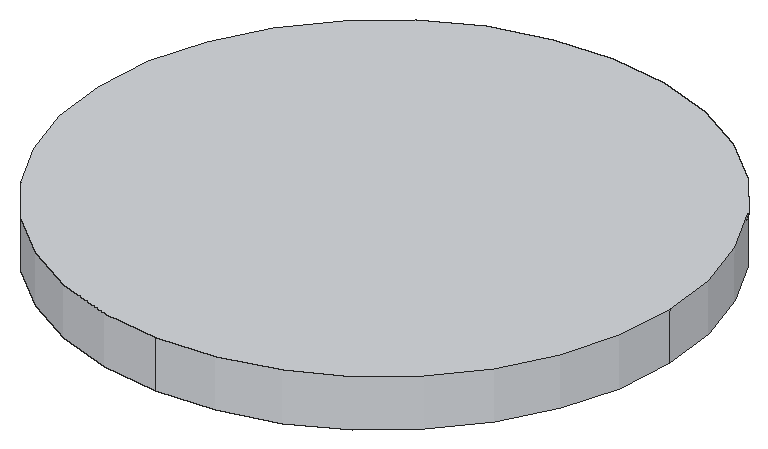
Revit family "7de862d72d3948569a18e7f64fbe89ac", category Air Terminals, host Face, Revit 2021
Family settings
  Host = Face
  Round Connector Dimension = Use Radius
  Part Type = Normal
  OmniClass Number = 23.75.70.21.27
  OmniClass Title = Air Outlets and Inlets
  Seek Item ID = Round Duct Connector - Exhuast Air - Air Terminal-0000-USA-ENU
  Cut with Voids When Loaded = No
  Shared = No
  Room Calculation Point = No
Parameters (values of type "Standard")
  TopArrowVisible [instance] = yes
  Thickness = 1"
  RightArrowVisible [instance] = yes
  Radius = 6"
  LeftArrowVisible [instance] = yes
  Flow [instance] = 100 CFM
  Diameter = Radius * 2  # 12"
  Default Elevation = 0' - 0"
  BottomArrowVisible [instance] = yes
  Assembly Code = ""
  Arrow Offset = 1' - 2 1/4"
Reference planes (in)
  plane 1 "Center (Front/Back)": y = 0
  plane 2: z = 0
  plane 3 "Center (Left/Right)": x = 0
Forms (in)
  Sweep 1, solid
    path in 3D
      loop
        line (0, 0, 0) -> (0, 0, 1)
    profile "Duct - Round : Duct - Round" origin (0, 0, 0.5) x (0, -1, 0) y (1, 0, 0)
      loop
        arc (-6, 0) -> (-4.24264, -4.24264) -> (0, -6) r 6
        arc (0, -6) -> (4.24264, -4.24264) -> (6, 0) r 6
        arc (6, 0) -> (4.24264, 4.24264) -> (0, 6) r 6
        arc (0, 6) -> (-4.24264, 4.24264) -> (-6, 0) r 6
Lines and regions (in)
  reference lines
    curve 1: line (0, 0, 0) -> (0, 0, 1)
  sketch lines
    curve 2: line (0, 0, 0) -> (0, 0, 1)
Dimensions and locks (in)
  "Thickness": curve 1 to curve 1
  "Arrow Offset": plane 1 "Center (Front/Back)" to nested 2
  "Arrow Offset": nested 1 to plane 3 "Center (Left/Right)"
  "Arrow Offset": plane 1 "Center (Front/Back)" to nested 4
  "Arrow Offset": plane 3 "Center (Left/Right)" to nested 3
  aligned and locked: plane 2 to host face
  aligned and locked: level to host face
  aligned and locked: host face to curve 1
  aligned and locked: curve 1 to plane 1 "Center (Front/Back)"
  aligned and locked: nested 2 to plane 3 "Center (Left/Right)"
  aligned and locked: plane 1 "Center (Front/Back)" to nested 1
  aligned and locked: plane 3 "Center (Left/Right)" to nested 4
  aligned and locked: nested 3 to plane 1 "Center (Front/Back)"
Automatic sketch dimensions
  host sketch curve to host sketch curve = 8' - 0"  (x2)
Nested families (in)
  nested 1: "Duct Terminal Arrow_Reverse" at (-14.25, 0, 0), visible <- "LeftArrowVisible", type "Duct Terminal Arrow_Reverse"
  nested 2: "Duct Terminal Arrow_Reverse" at (0, 14.25, 0) x (0, -1, 0) z (0, 0, 1), visible <- "TopArrowVisible", type "Duct Terminal Arrow_Reverse"
  nested 3: "Duct Terminal Arrow_Reverse" at (14.25, 0, 0) x (-1, 0, 0) z (0, 0, 1), visible <- "RightArrowVisible", type "Duct Terminal Arrow_Reverse"
  nested 4: "Duct Terminal Arrow_Reverse" at (0, -14.25, 0) x (0, 1, 0) z (0, 0, 1), visible <- "BottomArrowVisible", type "Duct Terminal Arrow_Reverse"
Connectors (in)
  hvac at (0, 0, 1), driven by "Radius", driven by "Flow"
    settings: on Sweep 1, index 1, duct flow 100 CFM, flow factor 0, pres drop 0.00 in-wg, loss coef 0, conn angle 0.00°, conn width 12", conn height 12", conn diameter 12", duct sys type 3, conn prof type 0, flow config 1, flow direction 2, loss method 0, conn ref index -1, conn util no, is conn primary yes, conn desc ""
Definition of nested family "Duct Terminal Arrow_Reverse"
  Reference planes (in)
    plane 1: y = 0
    plane 2: x = 0
  Lines and regions (in)
    Filled region 1, type "Solid Black"
      outline origin (-1, 0, 0) x (1, 0, 0) y (0, 1, 0)
        loop
          line (1, 0) -> (0.875, 0.0455) -> (0.875, -0.0455) -> (1, 0)
    detail lines
      curve 1: line (-0.25, 0, 0) -> (0, 0, 0)
